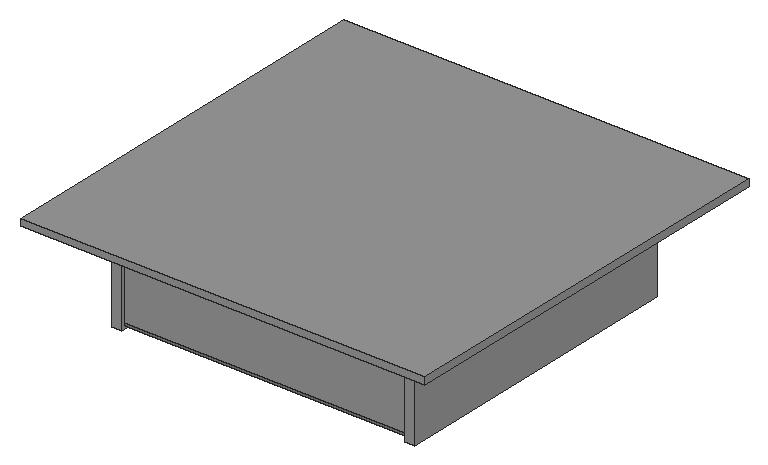
Revit family "Berica 2.0 M", category Lighting Fixtures, Revit 2020 (continued)
Definition of nested family "Light Source Berica 2.0"
  Types (4, lengths in mm): name | Photometric Web File | built-in parameter 1150142
      .73 130.47 137.30 \r\n137.30 130.87 125.34 119.89 115.33 110.67 106.35 102.36 \r\n97.99 94.40 90.72 87.49 84.14 81.20 78.45 75.83 73.36 \r\n71.23 69.12 67.19 65.39 63.92 62.42 61.04 59.82 58.68 \r\n57.68 56.64 55.87 55.07 54.90 54.29 53.81 53.37 52.98 \r\n52.66 52.41 52.20 52.07 51.97 51.92 51.90 51.90 51.91 \r\n51.91 52.05 52.26 52.23 52.13 51.94 51.71 51.41 51.15 \r\n50.94 50.72 50.39 50.05 49.62 49.19 48.71 48.28 47.88 \r\n47.37 47.19 47.20 47.29 47.36 47.37 47.48 47.52 47.53 \r\n47.65 47.71 47.68 47.73 47.70 47.77 47.69 47.72 47.67 \r\n47.62 47.63 47.63 47.61 47.63 47.52 47.43 47.32 47.27 \r\n47.21 47.20 47.21 47.27 47.32 47.43 47.52 47.63 47.61 \r\n47.63 47.63 47.62 47.67 47.72 47.69 47.77 47.70 47.73 \r\n47.68 47.71 47.65 47.53 47.52 47.48 47.37 47.36 47.29 \r\n47.20 47.19 47.37 47.88 48.28 48.71 49.19 49.62 50.05 \r\n50.39 50.72 50.94 51.15 51.41 51.71 51.94 52.13 52.23 \r\n52.26 52.05 51.91 51.91 51.90 51.90 51.92 51.97 52.07 \r\n52.20 52.41 52.66 52.98 53.37 53.81 54.29 54.90 55.07 \r\n55.87 56.64 57.68 58.68 59.82 61.04 62.42 63.92 65.39 \r\n67.19 69.12 71.23 73.36 75.83 78.45 81.20 84.14 87.49 \r\n90.72 94.40 97.99 102.36 106.35 110.67 115.33 119.89 \r\n125.34 130.87 137.30 \r\n137.30 130.81 124.94 119.42 114.46 109.79 105.19 101.01 \r\n96.76 93.08 89.19 85.86 82.74 79.74 76.91 74.38 72.03 \r\n69.91 67.94 66.05 64.42 62.86 61.50 60.18 59.02 57.95 \r\n56.97 56.13 55.42 54.73 54.56 54.05 53.64 53.28 53.00 \r\n52.78 52.62 52.52 52.47 52.47 52.50 52.55 52.60 52.65 \r\n53.00 53.21 53.20 53.13 53.01 52.76 52.55 52.39 52.28 \r\n52.05 51.74 51.39 51.01 50.63 50.24 49.87 49.44 49.09 \r\n48.92 49.11 49.23 49.32 49.43 49.51 49.68 49.73 49.93 \r\n49.93 50.01 50.03 50.12 50.16 50.18 50.22 50.23 50.21 \r\n50.23 50.22 50.20 50.25 50.15 50.11 50.04 49.90 49.83 \r\n49.83 49.77 49.83 49.83 49.90 50.04 50.11 50.15 50.25 \r\n50.20 50.22 50.23 50.21 50.23 50.22 50.18 50.16 50.12 \r\n50.03 50.01 49.93 49.93 49.73 49.68 49.51 49.43 49.32 \r\n49.23 49.11 48.92 49.09 49.44 49.87 50.24 50.63 51.01 \r\n51.39 51.74 52.05 52.28 52.39 52.55 52.76 53.01 53.13 \r\n53.20 53.21 53.00 52.65 52.60 52.55 52.50 52.47 52.47 \r\n52.52 52.62 52.78 53.00 53.28 53.64 54.05 54.56 54.73 \r\n55.42 56.13 56.97 57.95 59.02 60.18 61.50 62.86 64.42 \r\n66.05 67.94 69.91 72.03 74.38 76.91 79.74 82.74 85.86 \r\n89.19 93.08 96.76 101.01 105.19 109.79 114.46 119.42 \r\n124.94 130.81 137.30 \r\n137.30 130.88 124.57 119.09 114.16 109.03 104.48 100.18 \r\n96.06 92.03 88.52 84.89 81.73 78.67 75.97 73.37 70.92 \r\n68.87 66.88 65.24 63.52 62.08 60.80 59.56 58.44 57.47 \r\n56.58 55.80 55.12 54.51 54.38 53.95 53.59 53.32 53.10 \r\n52.96 52.89 52.89 52.92 52.98 53.06 53.15 53.22 53.65 \r\n53.96 54.02 53.98 53.93 53.73 53.57 53.45 53.40 53.24 \r\n52.94 52.63 52.33 51.96 51.62 51.27 50.95 50.55 50.47 \r\n50.65 50.81 50.99 51.15 51.31 51.49 51.66 51.76 51.81 \r\n51.94 52.03 52.11 52.21 52.26 52.28 52.32 52.41 52.34 \r\n52.37 52.41 52.41 52.39 52.33 52.25 52.14 52.02 51.97 \r\n51.91 51.91 51.91 51.97 52.02 52.14 52.25 52.33 52.39 \r\n52.41 52.41 52.37 52.34 52.41 52.32 52.28 52.26 52.21 \r\n52.11 52.03 51.94 51.81 51.76 51.66 51.49 51.31 51.15 \r\n50.99 50.81 50.65 50.47 50.55 50.95 51.27 51.62 51.96 \r\n52.33 52.63 52.94 53.24 53.40 53.45 53.57 53.73 53.93 \r\n53.98 54.02 53.96 53.65 53.22 53.15 53.06 52.98 52.92 \r\n52.89 52.89 52.96 53.10 53.32 53.59 53.95 54.38 54.51 \r\n55.12 55.80 56.58 57.47 58.44 59.56 60.80 62.08 63.52 \r\n65.24 66.88 68.87 70.92 73.37 75.97 78.67 81.73 84.89 \r\n88.52 92.03 96.06 100.18 104.48 109.03 114.16 119.09 \r\n124.57 130.88 137.30 \r\n137.30 130.69 124.26 118.69 113.25 108.55 103.77 99.31 \r\n95.12 91.16 87.51 84.00 80.89 77.97 75.03 72.52 70.25 \r\n68.11 66.17 64.46 62.97 61.47 60.24 59.03 58.00 57.04 \r\n56.26 55.58 54.92 54.39 54.17 53.83 53.55 53.35 53.22 \r\n53.16 53.15 53.20 53.28 53.37 53.48 53.57 54.01 54.34 \r\n54.50 54.58 54.62 54.50 54.41 54.35 54.32 54.19 53.96 \r\n53.68 53.38 53.09 52.78 52.48 52.16 51.83 51.65 51.82 \r\n52.04 52.27 52.50 52.62 52.91 53.03 53.22 53.37 53.48 \r\n53.63 53.74 53.88 53.89 54.03 54.10 54.09 54.10 54.14 \r\n54.14 54.16 54.15 54.15 54.06 53.95 53.81 53.74 53.60 \r\n53.66 53.65 53.66 53.60 53.74 53.81 53.95 54.06 54.15 \r\n54.15 54.16 54.14 54.14 54.10 54.09 54.10 54.03 53.89 \r\n53.88 53.74 53.63 53.48 53.37 53.22 53.03 52.91 52.62 \r\n52.50 52.27 52.04 51.82 51.65 51.83 52.16 52.48 52.78 \r\n53.09 53.38 53.68 53.96 54.19 54.32 54.35 54.41 54.50 \r\n54.62 54.58 54.50 54.34 54.01 53.57 53.48 53.37 53.28 \r\n53.20 53.15 53.16 53.22 53.35 53.55 53.83 54.17 54.39 \r\n54.92 55.58 56.26 57.04 58.00 59.03 60.24 61.47 62.97 \r\n64.46 66.17 68.11 70.25 72.52 75.03 77.97 80.89 84.00 \r\n87.51 91.16 95.12 99.31 103.77 108.55 113.25 118.69 \r\n124.26 130.69 137.30 \r\n137.30 129.91 123.89 118.39 112.86 108.00 103.15 98.55 \r\n94.39 90.33 86.65 83.30 80.00 77.13 74.39 71.66 69.49 \r\n67.29 65.60 63.84 62.26 60.95 59.65 58.56 57.50 56.66 \r\n55.86 55.23 54.61 54.12 53.80 53.49 53.26 53.10 53.02 \r\n53.01 53.05 53.14 53.26 53.38 53.50 53.65 54.19 54.42 \r\n54.61 54.85 54.87 54.80 54.78 54.75 54.71 54.57 54.35 \r\n54.10 53.81 53.54 53.23 52.97 52.66 52.38 52.42 52.73 \r\n52.94 53.17 53.35 53.61 53.85 54.00 54.16 54.35 54.53 \r\n54.65 54.79 54.84 55.01 55.03 55.19 55.15 55.23 55.26 \r\n55.20 55.24 55.19 55.20 55.07 55.02 54.87 54.78 54.64 \r\n54.57 54.60 54.57 54.64 54.78 54.87 55.02 55.07 55.20 \r\n55.19 55.24 55.20 55.26 55.23 55.15 55.19 55.03 55.01 \r\n54.84 54.79 54.65 54.53 54.35 54.16 54.00 53.85 53.61 \r\n53.35 53.17 52.94 52.73 52.42 52.38 52.66 52.97 53.23 \r\n53.54 53.81 54.10 54.35 54.57 54.71 54.75 54.78 54.80 \r\n54.87 54.85 54.61 54.42 54.19 53.65 53.50 53.38 53.26 \r\n53.14 53.05 53.01 53.02 53.10 53.26 53.49 53.80 54.12 \r\n54.61 55.23 55.86 56.66 57.50 58.56 59.65 60.95 62.26 \r\n63.84 65.60 67.29 69.49 71.66 74.39 77.13 80.00 83.30 \r\n86.65 90.33 94.39 98.55 103.15 108.00 112.86 118.39 \r\n123.89 129.91 137.30 \r\n137.30 129.81 123.88 118.16 112.65 107.86 102.69 98.36 \r\n94.03 90.11 86.31 82.94 79.78 76.93 74.13 71.56 69.39 \r\n67.21 65.39 63.66 62.20 60.78 59.54 58.40 57.44 56.60 \r\n55.86 55.15 54.64 54.16 53.79 53.50 53.28 53.15 53.09 \r\n53.10 53.16 53.25 53.38 53.49 53.61 53.90 54.23 54.47 \r\n54.76 55.06 55.11 55.10 55.09 55.10 55.05 54.89 54.69 \r\n54.42 54.18 53.89 53.63 53.35 53.06 52.89 53.08 53.28 \r\n53.59 53.90 54.07 54.31 54.55 54.72 54.94 55.11 55.25 \r\n55.42 55.53 55.69 55.81 55.87 55.88 55.99 56.03 56.07 \r\n56.08 56.07 56.07 55.94 55.86 55.77 55.59 55.45 55.36 \r\n55.27 55.36 55.27 55.36 55.45 55.59 55.77 55.86 55.94 \r\n56.07 56.07 56.08 56.07 56.03 55.99 55.88 55.87 55.81 \r\n55.69 55.53 55.42 55.25 55.11 54.94 54.72 54.55 54.31 \r\n54.07 53.90 53.59 53.28 53.08 52.89 53.06 53.35 53.63 \r\n53.89 54.18 54.42 54.69 54.89 55.05 55.10 55.09 55.10 \r\n55.11 55.06 54.76 54.47 54.23 53.90 53.61 53.49 53.38 \r\n53.25 53.16 53.10 53.09 53.15 53.28 53.50 53.79 54.16 \r\n54.64 55.15 55.86 56.60 57.44 58.40 59.54 60.78 62.20 \r\n63.66 65.39 67.21 69.39 71.56 74.13 76.93 79.78 82.94 \r\n86.31 90.11 94.03 98.36 102.69 107.86 112.65 118.16 \r\n123.88 129.81 137.30 \r\n137.30 130.60 124.38 118.69 112.80 108.09 103.20 98.59 \r\n94.25 90.51 86.69 83.46 80.54 77.35 74.83 72.25 70.12 \r\n68.07 66.18 64.48 63.06 61.61 60.34 59.34 58.39 57.55 \r\n56.91 56.17 55.69 55.23 54.91 54.63 54.46 54.36 54.32 \r\n54.35 54.43 54.55 54.69 54.83 54.94 55.04 55.46 55.80 \r\n55.97 56.39 56.48 56.36 56.31 56.27 56.33 56.17 55.99 \r\n55.69 55.45 55.18 54.89 54.61 54.36 53.99 54.18 54.41 \r\n54.67 54.99 55.23 55.41 55.71 55.88 56.08 56.29 56.46 \r\n56.65 56.79 56.86 56.99 57.12 57.19 57.24 57.35 57.23 \r\n57.22 57.25 57.21 57.21 56.99 56.92 56.81 56.64 56.45 \r\n56.43 56.33 56.43 56.45 56.64 56.81 56.92 56.99 57.21 \r\n57.21 57.25 57.22 57.23 57.35 57.24 57.19 57.12 56.99 \r\n56.86 56.79 56.65 56.46 56.29 56.08 55.88 55.71 55.41 \r\n55.23 54.99 54.67 54.41 54.18 53.99 54.36 54.61 54.89 \r\n55.18 55.45 55.69 55.99 56.17 56.33 56.27 56.31 56.36 \r\n56.48 56.39 55.97 55.80 55.46 55.04 54.94 54.83 54.69 \r\n54.55 54.43 54.35 54.32 54.36 54.46 54.63 54.91 55.23 \r\n55.69 56.17 56.91 57.55 58.39 59.34 60.34 61.61 63.06 \r\n64.48 66.18 68.07 70.12 72.25 74.83 77.35 80.54 83.46 \r\n86.69 90.51 94.25 98.59 103.20 108.09 112.80 118.69 \r\n124.38 130.60 137.30 \r\n137.30 129.81 123.88 118.16 112.65 107.86 102.69 98.36 \r\n94.03 90.11 86.31 82.94 79.78 76.93 74.13 71.56 69.39 \r\n67.21 65.39 63.66 62.20 60.78 59.54 58.40 57.44 56.60 \r\n55.86 55.15 54.64 54.16 53.79 53.50 53.28 53.15 53.09 \r\n53.10 53.16 53.25 53.38 53.49 53.61 53.90 54.23 54.47 \r\n54.76 55.06 55.11 55.10 55.09 55.10 55.05 54.89 54.69 \r\n54.42 54.18 53.89 53.63 53.35 53.06 52.89 53.08 53.28 \r\n53.59 53.90 54.07 54.31 54.55 54.72 54.94 55.11 55.25 \r\n55.42 55.53 55.69 55.81 55.87 55.88 55.99 56.03 56.07 \r\n56.08 56.07 56.07 55.94 55.86 55.77 55.59 55.45 55.36 \r\n55.27 55.36 55.27 55.36 55.45 55.59 55.77 55.86 55.94 \r\n56.07 56.07 56.08 56.07 56.03 55.99 55.88 55.87 55.81 \r\n55.69 55.53 55.42 55.25 55.11 54.94 54.72 54.55 54.31 \r\n54.07 53.90 53.59 53.28 53.08 52.89 53.06 53.35 53.63 \r\n53.89 54.18 54.42 54.69 54.89 55.05 55.10 55.09 55.10 \r\n55.11 55.06 54.76 54.47 54.23 53.90 53.61 53.49 53.38 \r\n53.25 53.16 53.10 53.09 53.15 53.28 53.50 53.79 54.16 \r\n54.64 55.15 55.86 56.60 57.44 58.40 59.54 60.78 62.20 \r\n63.66 65.39 67.21 69.39 71.56 74.13 76.93 79.78 82.94 \r\n86.31 90.11 94.03 98.36 102.69 107.86 112.65 118.16 \r\n123.88 129.81 137.30 \r\n137.30 129.91 123.89 118.39 112.86 108.00 103.15 98.55 \r\n94.39 90.33 86.65 83.30 80.00 77.13 74.39 71.66 69.49 \r\n67.29 65.60 63.84 62.26 60.95 59.65 58.56 57.50 56.66 \r\n55.86 55.23 54.61 54.12 53.80 53.49 53.26 53.10 53.02 \r\n53.01 53.05 53.14 53.26 53.38 53.50 53.65 54.19 54.42 \r\n54.61 54.85 54.87 54.80 54.78 54.75 54.71 54.57 54.35 \r\n54.10 53.81 53.54 53.23 52.97 52.66 52.38 52.42 52.73 \r\n52.94 53.17 53.35 53.61 53.85 54.00 54.16 54.35 54.53 \r\n54.65 54.79 54.84 55.01 55.03 55.19 55.15 55.23 55.26 \r\n55.20 55.24 55.19 55.20 55.07 55.02 54.87 54.78 54.64 \r\n54.57 54.60 54.57 54.64 54.78 54.87 55.02 55.07 55.20 \r\n55.19 55.24 55.20 55.26 55.23 55.15 55.19 55.03 55.01 \r\n54.84 54.79 54.65 54.53 54.35 54.16 54.00 53.85 53.61 \r\n53.35 53.17 52.94 52.73 52.42 52.38 52.66 52.97 53.23 \r\n53.54 53.81 54.10 54.35 54.57 54.71 54.75 54.78 54.80 \r\n54.87 54.85 54.61 54.42 54.19 53.65 53.50 53.38 53.26 \r\n53.14 53.05 53.01 53.02 53.10 53.26 53.49 53.80 54.12 \r\n54.61 55.23 55.86 56.66 57.50 58.56 59.65 60.95 62.26 \r\n63.84 65.60 67.29 69.49 71.66 74.39 77.13 80.00 83.30 \r\n86.65 90.33 94.39 98.55 103.15 108.00 112.86 118.39 \r\n123.89 129.91 137.30 \r\n137.30 130.69 124.26 118.69 113.25 108.55 103.77 99.31 \r\n95.12 91.16 87.51 84.00 80.89 77.97 75.03 72.52 70.25 \r\n68.11 66.17 64.46 62.97 61.47 60.24 59.03 58.00 57.04 \r\n56.26 55.58 54.92 54.39 54.17 53.83 53.55 53.35 53.22 \r\n53.16 53.15 53.20 53.28 53.37 53.48 53.57 54.01 54.34 \r\n54.50 54.58 54.62 54.50 54.41 54.35 54.32 54.19 53.96 \r\n53.68 53.38 53.09 52.78 52.48 52.16 51.83 51.65 51.82 \r\n52.04 52.27 52.50 52.62 52.91 53.03 53.22 53.37 53.48 \r\n53.63 53.74 53.88 53.89 54.03 54.10 54.09 54.10 54.14 \r\n54.14 54.16 54.15 54.15 54.06 53.95 53.81 53.74 53.60 \r\n53.66 53.65 53.66 53.60 53.74 53.81 53.95 54.06 54.15 \r\n54.15 54.16 54.14 54.14 54.10 54.09 54.10 54.03 53.89 \r\n53.88 53.74 53.63 53.48 53.37 53.22 53.03 52.91 52.62 \r\n52.50 52.27 52.04 51.82 51.65 51.83 52.16 52.48 52.78 \r\n53.09 53.38 53.68 53.96 54.19 54.32 54.35 54.41 54.50 \r\n54.62 54.58 54.50 54.34 54.01 53.57 53.48 53.37 53.28 \r\n53.20 53.15 53.16 53.22 53.35 53.55 53.83 54.17 54.39 \r\n54.92 55.58 56.26 57.04 58.00 59.03 60.24 61.47 62.97 \r\n64.46 66.17 68.11 70.25 72.52 75.03 77.97 80.89 84.00 \r\n87.51 91.16 95.12 99.31 103.77 108.55 113.25 118.69 \r\n124.26 130.69 137.30 \r\n137.30 130.88 124.57 119.09 114.16 109.03 104.48 100.18 \r\n96.06 92.03 88.52 84.89 81.73 78.67 75.97 73.37 70.92 \r\n68.87 66.88 65.24 63.52 62.08 60.80 59.56 58.44 57.47 \r\n56.58 55.80 55.12 54.51 54.38 53.95 53.59 53.32 53.10 \r\n52.96 52.89 52.89 52.92 52.98 53.06 53.15 53.22 53.65 \r\n53.96 54.02 53.98 53.93 53.73 53.57 53.45 53.40 53.24 \r\n52.94 52.63 52.33 51.96 51.62 51.27 50.95 50.55 50.47 \r\n50.65 50.81 50.99 51.15 51.31 51.49 51.66 51.76 51.81 \r\n51.94 52.03 52.11 52.21 52.26 52.28 52.32 52.41 52.34 \r\n52.37 52.41 52.41 52.39 52.33 52.25 52.14 52.02 51.97 \r\n51.91 51.91 51.91 51.97 52.02 52.14 52.25 52.33 52.39 \r\n52.41 52.41 52.37 52.34 52.41 52.32 52.28 52.26 52.21 \r\n52.11 52.03 51.94 51.81 51.76 51.66 51.49 51.31 51.15 \r\n50.99 50.81 50.65 50.47 50.55 50.95 51.27 51.62 51.96 \r\n52.33 52.63 52.94 53.24 53.40 53.45 53.57 53.73 53.93 \r\n53.98 54.02 53.96 53.65 53.22 53.15 53.06 52.98 52.92 \r\n52.89 52.89 52.96 53.10 53.32 53.59 53.95 54.38 54.51 \r\n55.12 55.80 56.58 57.47 58.44 59.56 60.80 62.08 63.52 \r\n65.24 66.88 68.87 70.92 73.37 75.97 78.67 81.73 84.89 \r\n88.52 92.03 96.06 100.18 104.48 109.03 114.16 119.09 \r\n124.57 130.88 137.30 \r\n137.30 130.81 124.94 119.42 114.46 109.79 105.19 101.01 \r\n96.76 93.08 89.19 85.86 82.74 79.74 76.91 74.38 72.03 \r\n69.91 67.94 66.05 64.42 62.86 61.50 60.18 59.02 57.95 \r\n56.97 56.13 55.42 54.73 54.56 54.05 53.64 53.28 53.00 \r\n52.78 52.62 52.52 52.47 52.47 52.50 52.55 52.60 52.65 \r\n53.00 53.21 53.20 53.13 53.01 52.76 52.55 52.39 52.28 \r\n52.05 51.74 51.39 51.01 50.63 50.24 49.87 49.44 49.09 \r\n48.92 49.11 49.23 49.32 49.43 49.51 49.68 49.73 49.93 \r\n49.93 50.01 50.03 50.12 50.16 50.18 50.22 50.23 50.21 \r\n50.23 50.22 50.20 50.25 50.15 50.11 50.04 49.90 49.83 \r\n49.83 49.77 49.83 49.83 49.90 50.04 50.11 50.15 50.25 \r\n50.20 50.22 50.23 50.21 50.23 50.22 50.18 50.16 50.12 \r\n50.03 50.01 49.93 49.93 49.73 49.68 49.51 49.43 49.32 \r\n49.23 49.11 48.92 49.09 49.44 49.87 50.24 50.63 51.01 \r\n51.39 51.74 52.05 52.28 52.39 52.55 52.76 53.01 53.13 \r\n53.20 53.21 53.00 52.65 52.60 52.55 52.50 52.47 52.47 \r\n52.52 52.62 52.78 53.00 53.28 53.64 54.05 54.56 54.73 \r\n55.42 56.13 56.97 57.95 59.02 60.18 61.50 62.86 64.42 \r\n66.05 67.94 69.91 72.03 74.38 76.91 79.74 82.74 85.86 \r\n89.19 93.08 96.76 101.01 105.19 109.79 114.46 119.42 \r\n124.94 130.81 137.30 \r\n137.30 130.87 125.34 119.89 115.33 110.67 106.35 102.36 \r\n97.99 94.40 90.72 87.49 84.14 81.20 78.45 75.83 73.36 \r\n71.23 69.12 67.19 65.39 63.92 62.42 61.04 59.82 58.68 \r\n57.68 56.64 55.87 55.07 54.90 54.29 53.81 53.37 52.98 \r\n52.66 52.41 52.20 52.07 51.97 51.92 51.90 51.90 51.91 \r\n51.91 52.05 52.26 52.23 52.13 51.94 51.71 51.41 51.15 \r\n50.94 50.72 50.39 50.05 49.62 49.19 48.71 48.28 47.88 \r\n47.37 47.19 47.20 47.29 47.36 47.37 47.48 47.52 47.53 \r\n47.65 47.71 47.68 47.73 47.70 47.77 47.69 47.72 47.67 \r\n47.62 47.63 47.63 47.61 47.63 47.52 47.43 47.32 47.27 \r\n47.21 47.20 47.21 47.27 47.32 47.43 47.52 47.63 47.61 \r\n47.63 47.63 47.62 47.67 47.72 47.69 47.77 47.70 47.73 \r\n47.68 47.71 47.65 47.53 47.52 47.48 47.37 47.36 47.29 \r\n47.20 47.19 47.37 47.88 48.28 48.71 49.19 49.62 50.05 \r\n50.39 50.72 50.94 51.15 51.41 51.71 51.94 52.13 52.23 \r\n52.26 52.05 51.91 51.91 51.90 51.90 51.92 51.97 52.07 \r\n52.20 52.41 52.66 52.98 53.37 53.81 54.29 54.90 55.07 \r\n55.87 56.64 57.68 58.68 59.82 61.04 62.42 63.92 65.39 \r\n67.19 69.12 71.23 73.36 75.83 78.45 81.20 84.14 87.49 \r\n90.72 94.40 97.99 102.36 106.35 110.67 115.33 119.89 \r\n125.34 130.87 137.30 \r\n137.30 130.47 125.73 120.60 115.93 111.46 107.15 103.19 \r\n99.22 95.56 92.11 88.86 85.64 82.85 79.67 77.31 74.94 \r\n72.51 70.44 68.48 66.63 65.00 63.48 62.03 60.74 59.47 \r\n58.34 57.35 56.39 55.53 55.22 54.54 53.97 53.37 52.95 \r\n52.54 52.15 51.83 51.57 51.38 51.24 51.11 51.03 50.97 \r\n50.92 50.89 50.85 50.92 50.92 50.79 50.59 50.38 50.04 \r\n49.76 49.46 49.18 48.82 48.41 47.94 47.52 47.02 46.52 \r\n46.05 45.50 45.19 45.04 45.08 44.99 45.02 44.96 45.00 \r\n45.02 44.96 44.96 44.94 44.93 44.91 44.87 44.79 44.82 \r\n44.65 44.70 44.61 44.57 44.55 44.45 44.37 44.21 44.13 \r\n44.02 44.10 44.02 44.13 44.21 44.37 44.45 44.55 44.57 \r\n44.61 44.70 44.65 44.82 44.79 44.87 44.91 44.93 44.94 \r\n44.96 44.96 45.02 45.00 44.96 45.02 44.99 45.08 45.04 \r\n45.19 45.50 46.05 46.52 47.02 47.52 47.94 48.41 48.82 \r\n49.18 49.46 49.76 50.04 50.38 50.59 50.79 50.92 50.92 \r\n50.85 50.89 50.92 50.97 51.03 51.11 51.24 51.38 51.57 \r\n51.83 52.15 52.54 52.95 53.37 53.97 54.54 55.22 55.53 \r\n56.39 57.35 58.34 59.47 60.74 62.03 63.48 65.00 66.63 \r\n68.48 70.44 72.51 74.94 77.31 79.67 82.85 85.64 88.86 \r\n92.11 95.56 99.22 103.19 107.15 111.46 115.93 120.60 \r\n1
